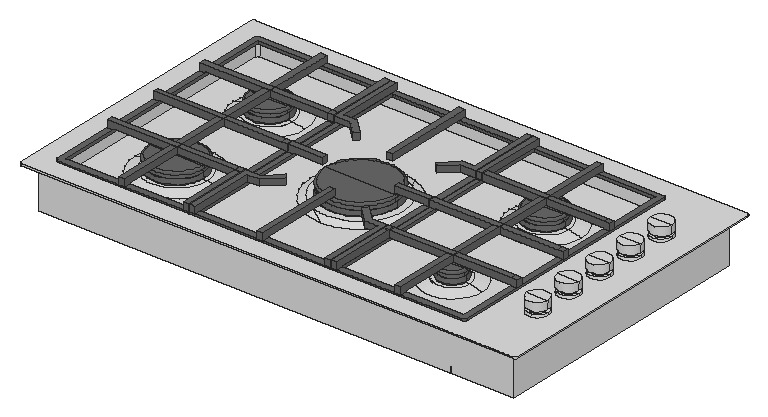
Revit family "Fisher & Paykel The Kitchen Tools CG365DWACX2 Cooktop", category Mechanical Equipment, host Face, Revit 2013 (continued)
Definition of nested family "2"
  Definition of nested family "Fisher&Pakel logo"
    Lines and regions (mm)
      model lines, style "GenericModel"
        curve 76: line (17.3, -1.731, 0) -> (15.999, -1.731, 0)
        curve 77: line (15.999, -1.731, 0) -> (16.562, -5.614, 0)
        curve 78: line (17.646, -5.155, 0) -> (17.3, -1.731, 0)
        curve 79: line (20.804, -1.731, 0) -> (19.614, -1.731, 0)
        curve 80: line (18.322, -6.05, 0) -> (20.804, -1.731, 0)
        curve 81: line (17.646, -5.155, 0) -> (19.614, -1.731, 0)
        curve 82: line (16.562, -5.614, 0) -> (17.678, -5.614, 0)
        curve 83: line (15.686, -6.843, 0) -> (15.453, -7.719, 0)
        curve 84: line (15.686, -6.843, 0) -> (16.983, -6.309, 0)
        curve 85: line (16.983, -6.309, 0) -> (17.678, -5.614, 0)
        curve 86: line (15.453, -7.719, 0) -> (18.322, -6.05, 0)
        curve 87: line (21.543, 0, 0) -> (20.011, -5.771, 0)
        curve 88: line (20.011, -5.771, 0) -> (21.06, -5.771, 0)
        curve 89: line (21.543, 0, 0) -> (22.591, 0, 0)
        curve 90: line (22.591, 0, 0) -> (21.73, -3.247, 0)
        curve 91: line (22.259, -3.247, 0) -> (23.774, -1.731, 0)
        curve 92: line (23.774, -1.731, 0) -> (25.384, -1.731, 0)
        curve 93: line (25.384, -1.731, 0) -> (23.137, -3.621, 0)
        curve 94: line (23.137, -3.621, 0) -> (24.668, -5.771, 0)
        curve 95: line (24.668, -5.771, 0) -> (23.17, -5.771, 0)
        curve 96: line (23.17, -5.771, 0) -> (22.402, -4.023, 0)
        curve 97: line (21.06, -5.771, 0) -> (21.524, -4.023, 0)
        curve 98: line (21.524, -4.023, 0) -> (22.402, -4.023, 0)
        curve 99: line (28.367, -3.326, 0) -> (26.158, -3.326, 0)
        curve 100: line (25.986, -3.93, 0) -> (29.406, -3.93, 0)
        curve 101: line (29.435, -4.493, 0) -> (28.088, -4.493, 0)
        curve 102: line (29.406, -3.93, 0) -> (28.936, -5.206, 0)
        curve 103: line (28.936, -5.206, 0) -> (29.435, -4.493, 0)
        curve 104: line (26.158, -3.326, 0) -> (28.367, -3.326, 0)
        curve 105: line (25.986, -3.93, 0) -> (28.088, -4.493, 0)
        curve 106: line (30.958, 0, 0) -> (29.422, -5.771, 0)
        curve 107: line (32.183, 0, 0) -> (30.958, 0, 0)
        curve 108: line (30.646, -5.771, 0) -> (32.183, 0, 0)
        curve 109: line (29.422, -5.771, 0) -> (30.646, -5.771, 0)
        curve 110: line (-22.14, -0.83, 0) -> (-21.916, 0, 0)
        curve 111: line (-20.921, -0.83, 0) -> (-20.701, 0, 0)
        curve 112: arc (-20.603, -4.593, 0) -> (-20.181, -4.992, 0) -> (-19.63, -5.178, 0) r 1.358
        curve 113: arc (2.711, -4.161, 0) -> (2.828, -3.802, 0) -> (2.916, -3.435, 0) r 4.649
        curve 114: line (4.251, -5.304, 0) -> (3.737, -5.818, 0)
        curve 115: line (22.259, -3.247, 0) -> (21.73, -3.247, 0)
    Dimensions and locks
      aligned and locked: plane 2 to Extrusion 1
      aligned and locked: level to Extrusion 1
